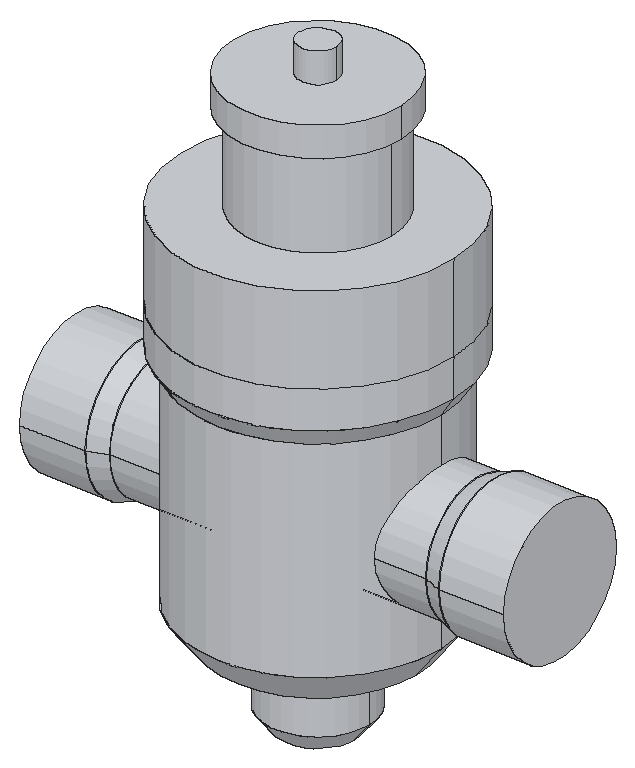
Revit family "VSX09P_DN15_PN16_RFA_2019", category Pipe Accessories, Revit 2019
Family settings
  Round Connector Dimension = Use Diameter
  Part Type = Valve - Breaks Into
  Work Plane-Based = No
  Always vertical = Yes
  Cut with Voids When Loaded = No
  Shared = No
Parameters (values of type "VSX09P G1/2  PN16 kvs0,25")
  magiProductId = ""
  magiProductFamilyId = ""
  magiPartTypeId = 306
  isMeasuringValve [instance] = no
  ang2D [instance] = 0.00°
  Z8 = 4 mm
  Z7__ve = -Z7  # -3.2 mm
  Z7 = 3.2 mm
  Z5 = 9.45 mm
  Z3 = 2 mm
  Z2 = 4.6 mm
  Z1 = 3.45 mm
  X4__ve = -X4  # -7 mm
  X4 = 7 mm
  X3 = 34 mm
  W2D = 15 mm
  VersionID = ""
  Use Minimum Symbol Size [instance] = yes
  URL = "www.hydronix.cz"
  Type Comments = "Závitový, vnější závit, ploché těsnění; LIN charakteristika; PN16; +5~+95°C; max.rychlost proudění 3,0 m/s"
  R9 = 9 mm
  R8 = 2 mm
  R7 = 14.63 mm
  R6 = 10.64 mm
  R5 = 6.703 mm
  R4 = 5.586 mm
  R3 = 3.99 mm
  R2 = 13.3 mm
  R10 = 8 mm
  R1 = 6.75 mm
  QmdConnectorList = "301;D;302;D"
  Productdata [instance] = ""
  Manufacturer = "Hydronix"
  MC Product Code = "VSX09P (G1/2\"; dpmax=250kPa; kvs 0,25)"
  LT2 = 19 mm
  L2D_Min = 3048 mm
  L2D = 38 mm
  H1 = 22.5 mm
  H = 27 mm
  E = 16 mm
  Description = "2 cestný regulační ventil malých spotřebičů, DN15; zdvih 2,5mm; max dp 250kPa; kvs0,25"
  DT2 = 7.5 mm
  D = 15 mm
  CAT0 = yes
  C = 23 mm
Types (8, lengths in mm): name | Z5 | Z2 | Z1 | X3 | R7 | R6 | R5 | R4 | R3 | R2 | R1 | MC Product Code | LT2 | H | Description | DT2 | D | C
  VSX09P G1/2  PN16 kvs0,25 | 9.45 | 4.6 | 3.45 | 34 | 14.63 | 10.64 | 6.703 | 5.586 | 3.99 | 13.3 | 6.75 | "VSX09P (G1/2\"; dpmax=250kPa; kvs 0,25)" | 19 | 27 | "2 cestný regulační ventil malých spotřebičů, DN15; zdvih 2,5mm; max dp 250kPa; kvs0,25" | 7.5 | 15 | 23
  VSX10P G1/2  PN16 kvs0,4 | 9.45 | 4.6 | 3.45 | 34 | 14.63 | 10.64 | 6.703 | 5.586 | 3.99 | 13.3 | 6.75 | "VSX10P (G1/2\"; dpmax=250kPa; kvs 0,4)" | 19 | 27 | "2 cestný regulační ventil malých spotřebičů, DN15; zdvih 2,5mm; max dp 250kPa; kvs0,4" | 7.5 | 15 | 23
  VSX11P G1/2  PN16 kvs0,6 | 9.45 | 4.6 | 3.45 | 34 | 14.63 | 10.64 | 6.703 | 5.586 | 3.99 | 13.3 | 6.75 | "VSX11P (G1/2\"; dpmax=250kPa; kvs 0,6)" | 19 | 27 | "2 cestný regulační ventil malých spotřebičů, DN15; zdvih 2,5mm; max dp 250kPa; kvs0,6" | 7.5 | 15 | 23
  VSX12P G1/2  PN16 kvs1,0 | 9.45 | 4.6 | 3.45 | 34 | 14.63 | 10.64 | 6.703 | 5.586 | 3.99 | 13.3 | 6.75 | "VSX12P (G1/2\"; dpmax=250kPa; kvs 1,0)" | 19 | 27 | "2 cestný regulační ventil malých spotřebičů, DN15; zdvih 2,5mm; max dp 250kPa; kvs1,0" | 7.5 | 15 | 23
  VSX13P G1/2  PN16 kvs1,6 | 9.45 | 4.6 | 3.45 | 34 | 14.63 | 10.64 | 6.703 | 5.586 | 3.99 | 13.3 | 6.75 | "VSX13P (G1/2\"; dpmax=250kPa; kvs 1,6)" | 19 | 27 | "2 cestný regulační ventil malých spotřebičů, DN15; zdvih 2,5mm; max dp 250kPa; kvs1,6" | 7.5 | 15 | 23
  VSX21P G3/4  PN16 kvs2,5 | 9.1 | 4.8 | 3.6 | 38 | 16.17 | 11.76 | 7.409 | 6.174 | 4.41 | 14.7 | 9 | "VSX21P (G3/4\"; dpmax=150kPa; kvs 2,5)" | 21 | 26 | "2 cestný regulační ventil malých spotřebičů, DN20; zdvih 2,5mm; max dp 150kPa; kvs2,5" | 10 | 20 | 24
  VSX24P G3/4  PN16 kvs4,0 | 9.1 | 4.8 | 3.6 | 38 | 16.17 | 11.76 | 7.409 | 6.174 | 4.41 | 14.7 | 9 | "VSX24P (G3/4\"; dpmax=150kPa; kvs 4,0)" | 21 | 26 | "2 cestný regulační ventil malých spotřebičů, DN20; zdvih 2,5mm; max dp 150kPa; kvs4,0" | 10 | 20 | 24
  VSX26P G3/4  PN16 kvs6,0 | 9.1 | 4.8 | 3.6 | 38 | 16.17 | 11.76 | 7.409 | 6.174 | 4.41 | 14.7 | 9 | "VSX26P (G3/4\"; dpmax=150kPa; kvs 6,0)" | 21 | 26 | "2 cestný regulační ventil malých spotřebičů, DN20; zdvih 2,5mm; max dp 150kPa; kvs6,0" | 10 | 20 | 24
Reference planes
  plane 1 "Center (Front/Back)": y = 0
  plane 2 "XYPLANE": z = 0
  plane 3 "Center (Left/Right)": x = 0
  plane 4 "271": z = 36.6
  plane 5 "254": z = 11.55
  plane 6 "253": z = 17.55
  plane 7 "148": z = 39.8
  plane 8 "132": z = 43
  plane 9 "62": z = 13.55
  plane 10 "53": z = 27
  plane 11 "52": z = -10.95
  plane 12 "48": z = -14.4
  plane 13 "47": z = -16.4
  plane 14 "38": z = -21
  plane 15 "37": x = 17
  plane 16 "36": x = 19
  plane 17 "23": z = -23
  plane 18 "19": x = -17
  plane 19 "15": x = -19
  plane 20 "6": x = 26
  plane 21 "5": x = -26
  plane 22 "3": z = 0
  plane 23 "2": y = 0
  plane 24 "1": x = 0
Forms (mm)
  Extrusion 1, solid, visible <- "CAT0"
    sketch origin (-750, 0, 43) x (1, 0, 0) y (0, 1, 0)
      loop
        circle (750, 0) r 2
    from 0 to -3.2 <- "Z7__ve"
  Extrusion 2, solid, visible <- "CAT0"
    sketch origin (-750, 0, 36.6) x (1, 0, 0) y (0, 1, 0)
      loop
        circle (750, 0) r 8
    from 0 to -19
  Extrusion 3, solid, visible <- "CAT0"
    sketch origin (-17, -750, 0) x (0, 1, 0) y (0, 0, 1)
      loop
        circle (750, 0) r 6.75
    from 0 to 34 <- "X3"
  Extrusion 4, solid
    sketch origin (-750, 0, 13.55) x (1, 0, 0) y (0, 1, 0)
      loop
        circle (750, 0) r 14.63
    from 0 to 4 <- "Z8"
  Extrusion 5, solid
    sketch origin (-750, 0, 39.8) x (1, 0, 0) y (0, 1, 0)
      loop
        circle (750, 0) r 9
    from 0 to -3.2 <- "Z7__ve"
  Extrusion 6, solid
    sketch origin (-750, 0, 17.55) x (1, 0, 0) y (0, 1, 0)
      loop
        circle (750, 0) r 14.63
    from 0 to 9.45 <- "Z5"
  Blend 7, solid
    base sketch origin (-750, 0, 11.55) x (1, 0, 0) y (0, 1, 0)
      loop
        circle (750, 0) r 13.3
    top sketch origin (-750, 0, 11.55) x (1, 0, 0) y (0, 1, 0)
      loop
        circle (750, 0) r 14.63
    from 0 to 2
  Blend 8, solid
    base sketch origin (-750, 0, -10.95) x (1, 0, 0) y (0, 1, 0)
      loop
        circle (750, 0) r 13.3
    top sketch origin (-750, 0, -10.95) x (1, 0, 0) y (0, 1, 0)
      loop
        circle (750, 0) r 10.64
    from 0 to -3.45
  Blend 9, solid
    base sketch origin (-750, 0, -14.4) x (1, 0, 0) y (0, 1, 0)
      loop
        circle (750, 0) r 6.703
    top sketch origin (-750, 0, -14.4) x (1, 0, 0) y (0, 1, 0)
      loop
        circle (750, 0) r 5.586
    from 0 to -2
  Extrusion 10, solid
    sketch origin (-750, 0, -21) x (1, 0, 0) y (0, 1, 0)
      loop
        circle (750, 0) r 5.586
    from 0 to 4.6 <- "Z2"
  Blend 11, solid
    base sketch origin (-750, 0, -23) x (1, 0, 0) y (0, 1, 0)
      loop
        circle (750, 0) r 3.99
    top sketch origin (-750, 0, -23) x (1, 0, 0) y (0, 1, 0)
      loop
        circle (750, 0) r 5.586
    from 0 to 2
  Extrusion 12, solid
    sketch origin (26, -750, 0) x (0, 1, 0) y (0, 0, 1)
      loop
        circle (750, 0) r 7.5
    from 0 to -7 <- "X4__ve"
  Blend 13, solid
    base sketch origin (19, -750, 0) x (0, 1, 0) y (0, 0, 1)
      loop
        circle (750, 0) r 7.5
    top sketch origin (19, -750, 0) x (0, 1, 0) y (0, 0, 1)
      loop
        circle (750, 0) r 6.75
    from 0 to -2
  Extrusion 14, solid
    sketch origin (-750, 0, -10.95) x (1, 0, 0) y (0, 1, 0)
      loop
        circle (750, 0) r 13.3
    from 0 to 22.5 <- "H1"
  Blend 15, solid
    base sketch origin (-19, -750, 0) x (0, 1, 0) y (0, 0, 1)
      loop
        circle (750, 0) r 7.5
    top sketch origin (-19, -750, 0) x (0, 1, 0) y (0, 0, 1)
      loop
        circle (750, 0) r 6.75
    from 0 to 2
  Extrusion 16, solid
    sketch origin (-26, -750, 0) x (0, 1, 0) y (0, 0, 1)
      loop
        circle (750, 0) r 7.5
    from 0 to 7 <- "X4"
  Extrusion 17, solid, not visible
    sketch origin (19, -750, 0) x (0, 1, 0) y (0, 0, 1)
      loop
        circle (750, 0) r 10
    from 0 to -10
  Extrusion 18, solid, not visible
    sketch origin (-19, -750, 0) x (0, 1, 0) y (0, 0, 1)
      loop
        circle (750, 0) r 10
    from 0 to 10
Lines and regions (mm)
  reference lines, not visible
    curve 1: circle (2, 2, 0) r 1 normal (0, 0, 1)
Dimensions and locks
  plane 1 "Center (Front/Back)" to curve 1 = 2 mm
  "Z7": plane 7 "148" to plane 4 "271"
  "Z3": plane 9 "62" to plane 5 "254"
  "Z5": plane 10 "53" to plane 6 "253"
  "Z7": plane 8 "132" to plane 7 "148"
  "E": plane 10 "53" to plane 8 "132"
  "Z8": plane 6 "253" to plane 9 "62"
  "H": plane 2 "XYPLANE" to plane 10 "53"
  "Z1": plane 12 "48" to plane 11 "52"
  "Z3": plane 13 "47" to plane 12 "48"
  "Z2": plane 14 "38" to plane 13 "47"
  "Z3": plane 17 "23" to plane 14 "38"
  locked: plane 16 "36" to plane 15 "37" at 2
  "LT2": plane 3 "Center (Left/Right)" to plane 16 "36"
  "C": plane 2 "XYPLANE" to plane 17 "23"
  locked: plane 19 "15" to plane 18 "19" at 2
  "LT2": plane 3 "Center (Left/Right)" to plane 19 "15"
  "X4": plane 16 "36" to plane 20 "6"
  "X4": plane 19 "15" to plane 21 "5"
  locked: plane 2 "XYPLANE" to plane 22 "3"
  locked: plane 1 "Center (Front/Back)" to plane 23 "2"
  locked: plane 3 "Center (Left/Right)" to plane 24 "1"
  "R8": radius of Extrusion 1 sketch curve
  "R10": radius of Extrusion 2 sketch curve
  "R1": radius of Extrusion 3 sketch curve
  "R7": radius of Extrusion 4 sketch curve
  "R9": radius of Extrusion 5 sketch curve
  "R7": radius of Extrusion 6 sketch curve
  "R7": radius of Blend 7 sketch curve
  "R2": radius of Blend 7 sketch curve
  "R6": radius of Blend 8 sketch curve
  "R2": radius of Blend 8 sketch curve
  "R4": radius of Blend 9 sketch curve
  "R5": radius of Blend 9 sketch curve
  "R4": radius of Extrusion 10 sketch curve
  "R4": radius of Blend 11 sketch curve
  "R3": radius of Blend 11 sketch curve
  "DT2": radius of Extrusion 12 sketch curve
  "R1": radius of Blend 13 sketch curve
  "DT2": radius of Blend 13 sketch curve
  "R2": radius of Extrusion 14 sketch curve
  "R1": radius of Blend 15 sketch curve
  "DT2": radius of Blend 15 sketch curve
  "DT2": radius of Extrusion 16 sketch curve
  aligned and locked: level to plane 2 "XYPLANE"
  aligned and locked: plane 23 "2" to Extrusion 1 sketch curve
  aligned and locked: plane 24 "1" to Extrusion 1 sketch curve
  aligned and locked: plane 23 "2" to Extrusion 2 sketch curve
  aligned and locked: plane 24 "1" to Extrusion 2 sketch curve
  aligned and locked: plane 22 "3" to Extrusion 3 sketch curve
  aligned and locked: Extrusion 3 sketch curve to plane 23 "2"
  aligned and locked: plane 23 "2" to Extrusion 4 sketch curve
  aligned and locked: plane 24 "1" to Extrusion 4 sketch curve
  aligned and locked: plane 23 "2" to Extrusion 5 sketch curve
  aligned and locked: plane 24 "1" to Extrusion 5 sketch curve
  aligned and locked: plane 23 "2" to Extrusion 6 sketch curve
  aligned and locked: plane 24 "1" to Extrusion 6 sketch curve
  aligned and locked: plane 23 "2" to Blend 7 sketch curve  (x2)
  aligned and locked: plane 24 "1" to Blend 7 sketch curve  (x2)
  aligned and locked: plane 9 "62" to Blend 7
  aligned and locked: plane 23 "2" to Blend 8 sketch curve  (x2)
  aligned and locked: plane 24 "1" to Blend 8 sketch curve  (x2)
  aligned and locked: Blend 8 to plane 12 "48"
  aligned and locked: plane 23 "2" to Blend 9 sketch curve  (x2)
  aligned and locked: plane 24 "1" to Blend 9 sketch curve  (x2)
  aligned and locked: Blend 9 to plane 13 "47"
  aligned and locked: plane 23 "2" to Extrusion 10 sketch curve
  aligned and locked: plane 24 "1" to Extrusion 10 sketch curve
  aligned and locked: plane 23 "2" to Blend 11 sketch curve  (x2)
  aligned and locked: plane 24 "1" to Blend 11 sketch curve  (x2)
  aligned and locked: plane 14 "38" to Blend 11
  aligned and locked: plane 22 "3" to Extrusion 12 sketch curve
  aligned and locked: Extrusion 12 sketch curve to plane 23 "2"
  aligned and locked: plane 22 "3" to Blend 13 sketch curve  (x2)
  aligned and locked: Blend 13 sketch curve to plane 23 "2"  (x2)
  aligned and locked: Blend 13 to plane 15 "37"
  aligned and locked: plane 23 "2" to Extrusion 14 sketch curve
  aligned and locked: plane 24 "1" to Extrusion 14 sketch curve
  aligned and locked: plane 22 "3" to Blend 15 sketch curve  (x2)
  aligned and locked: Blend 15 sketch curve to plane 23 "2"  (x2)
  aligned and locked: plane 18 "19" to Blend 15
  aligned and locked: plane 22 "3" to Extrusion 16 sketch curve
  aligned and locked: Extrusion 16 sketch curve to plane 23 "2"
  aligned and locked: plane 22 "3" to Extrusion 17 sketch curve
  aligned and locked: Extrusion 17 sketch curve to plane 23 "2"
  aligned and locked: plane 22 "3" to Extrusion 18 sketch curve
  aligned and locked: Extrusion 18 sketch curve to plane 23 "2"
Automatic sketch dimensions
  plane 1 "Center (Front/Back)" to Extrusion 17 sketch curve = 10 mm
  plane 1 "Center (Front/Back)" to Extrusion 18 sketch curve = 10 mm
  plane 3 "Center (Left/Right)" to curve 1 = 2 mm
  radius of curve 1 = 1 mm
Connectors
  piping at (-19, 0, 0), diameter 15, driven by "D"
    settings: on Extrusion 18, index 1, connector inside diameter 609.6 mm, connector length 0 mm, flow factor 0, pipe flow 0.0 L/s, pressure drop 0.0 Pa, fitting loss kfactor 0, connector angle 0.00°, fixture units 0, engagement length 0 mm, angle of deflection 0.00°, flow configuration 0, flow direction 0, fitting loss method 0, system type 29, joint type 0, gender type 0, connector reference index 2, connector utility 0, adjustable connector no, is connector primary yes, connector description ""
  piping at (19, 0, 0), diameter 15, driven by "D"
    settings: on Extrusion 17, index 2, connector inside diameter 609.6 mm, connector length 0 mm, flow factor 0, pipe flow 0.0 L/s, pressure drop 0.0 Pa, fitting loss kfactor 0, connector angle 0.00°, fixture units 0, engagement length 0 mm, angle of deflection 0.00°, flow configuration 0, flow direction 0, fitting loss method 0, system type 29, joint type 0, gender type 0, connector reference index 1, connector utility 0, adjustable connector no, is connector primary no, connector description ""
